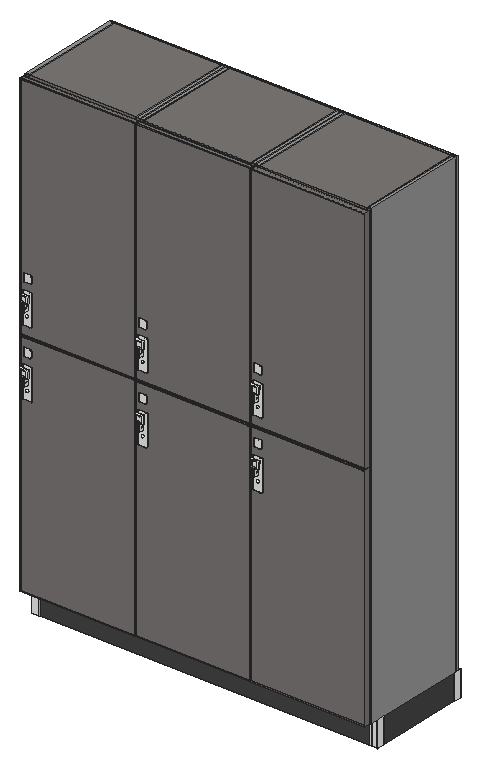
Revit family "Wood_Lockers_Hasps-Salsbury_Industries-18_42000_Series-3_Wide_Units.rfa", category Specialty Equipment, Revit 2016 (continued)
Definition of nested family "Premier Locker Doors_Hasp"
  Lines and regions (in)
    symbolic lines
      curve 35: arc (-8.5625, -1.125, 33.5625) -> (-8.52589, -1.125, 33.47411) -> (-8.4375, -1.125, 33.4375) r 0.125
      curve 36: line (-7.1875, -1.125, 33.4375) -> (-8.4375, -1.125, 33.4375)
      curve 37: arc (-7.6245, -1.125, 36.6245) -> (-7.8125, -1.125, 36.8125) -> (-8.0005, -1.125, 36.6245) r 0.188
      curve 38: arc (-8.0005, -1.125, 35.7505) -> (-7.8125, -1.125, 35.5625) -> (-7.6245, -1.125, 35.7505) r 0.188
      curve 39: line (-7.6245, -1.125, 36.6245) -> (-7.6245, -1.125, 35.7505)
      curve 40: line (-8.0005, -1.125, 35.7505) -> (-8.0005, -1.125, 36.6245)
      curve 41: line (-7.1875, -1.125, 36.9375) -> (-8.4375, -1.125, 36.9375)
      curve 42: line (-7.1875, -1.125, 38.1875) -> (-7.1875, -1.125, 36.9375)
      curve 43: line (-8.4375, -1.125, 36.9375) -> (-8.4375, -1.125, 38.1875)
      curve 44: line (-8.4375, -1.125, 38.1875) -> (-7.1875, -1.125, 38.1875)
      curve 45: line (-7.8755, -1.125, 36.6844) -> (-7.7495, -1.125, 36.6844)
      curve 46: line (-7.7495, -1.125, 36.6844) -> (-7.7495, -1.125, 35.6844)
      curve 47: line (-7.8755, -1.125, 35.6844) -> (-7.8755, -1.125, 36.6844)
      curve 48: line (-7.7495, -1.125, 35.6844) -> (-7.8755, -1.125, 35.6844)
      curve 49: line (-7.8125, -1, 36.6844) -> (-7.8125, -0.375, 36.6844)
      curve 50: line (-7.8125, -1, 35.6844) -> (-7.8125, -1, 36.6844)
      curve 51: line (-7.8125, -0.375, 35.6844) -> (-7.8125, -1, 35.6844)
      curve 52: arc (-7.8125, -0.91637, 36.1844) -> (-7.8125, -0.66637, 36.4344) -> (-7.8125, -0.41637, 36.1844) r 0.25
      curve 53: arc (-7.8125, -0.41637, 36.1844) -> (-7.8125, -0.66637, 35.9344) -> (-7.8125, -0.91637, 36.1844) r 0.25
      curve 54: line (-7.8125, -0.375, 37.31817) -> (-7.8125, -0.61642, 37.31817)
      curve 55: arc (-7.8125, -0.77297, 37.19215) -> (-7.8125, -0.71691, 37.28275) -> (-7.8125, -0.61642, 37.31817) r 0.16024
      curve 56: arc (-7.8125, -0.97289, 36.9375) -> (-7.8125, -0.84441, 37.04244) -> (-7.8125, -0.77297, 37.19215) r 0.37946
      curve 57: spline (-7.8125, -1.121, 37.15954) -> (-7.8125, -1.11621, 37.12873) -> (-7.8125, -1.10963, 37.09911) -> (-7.8125, -1.10135, 37.07107) -> (-7.8125, -1.09147, 37.04495) -> (-7.8125, -1.0801, 37.02108) -> (-7.8125, -1.0674, 36.99975) -> (-7.8125, -1.05352, 36.98123) -> (-7.8125, -1.03864, 36.96575) -> (-7.8125, -1.02293, 36.95351) -> (-7.8125, -1.0066, 36.94465) -> (-7.8125, -0.98985, 36.93929) -> (-7.8125, -0.97289, 36.9375)
      curve 58: line (-7.8125, -1.125, 37.15954) -> (-7.8125, -1.125, 37.96546)
      curve 59: spline (-7.8125, -1.121, 37.96546) -> (-7.8125, -1.11621, 37.99627) -> (-7.8125, -1.10963, 38.02589) -> (-7.8125, -1.10135, 38.05393) -> (-7.8125, -1.09147, 38.08005) -> (-7.8125, -1.0801, 38.10392) -> (-7.8125, -1.0674, 38.12525) -> (-7.8125, -1.05352, 38.14377) -> (-7.8125, -1.03864, 38.15925) -> (-7.8125, -1.02293, 38.17149) -> (-7.8125, -1.0066, 38.18035) -> (-7.8125, -0.98985, 38.18571) -> (-7.8125, -0.97289, 38.1875)
      curve 60: arc (-7.8125, -0.97289, 38.1875) -> (-7.8125, -0.84441, 38.08256) -> (-7.8125, -0.77297, 37.93285) r 0.37946
      curve 61: arc (-7.8125, -0.77297, 37.93285) -> (-7.8125, -0.71691, 37.84225) -> (-7.8125, -0.61642, 37.80683) r 0.16024
      curve 62: line (-7.8125, -0.61642, 37.80683) -> (-7.8125, -0.375, 37.80683)
      curve 63: line (-8.05683, -0.61642, 71.625) -> (-8.05683, -0.375, 71.625)
      curve 64: arc (-8.18285, -0.77297, 71.625) -> (-8.09225, -0.71691, 71.625) -> (-8.05683, -0.61642, 71.625) r 0.16024
      curve 65: arc (-8.4375, -0.97289, 71.625) -> (-8.33256, -0.84441, 71.625) -> (-8.18285, -0.77297, 71.625) r 0.37946
      curve 66: line (-7.40954, -1.125, 71.625) -> (-8.21546, -1.125, 71.625)
      curve 67: spline (-7.40954, -1.121, 71.625) -> (-7.37873, -1.11621, 71.625) -> (-7.34911, -1.10963, 71.625) -> (-7.32107, -1.10135, 71.625) -> (-7.29495, -1.09147, 71.625) -> (-7.27108, -1.0801, 71.625) -> (-7.24975, -1.0674, 71.625) -> (-7.23123, -1.05352, 71.625) -> (-7.21575, -1.03864, 71.625) -> (-7.20351, -1.02293, 71.625) -> (-7.19465, -1.0066, 71.625) -> (-7.18929, -0.98985, 71.625) -> (-7.1875, -0.97289, 71.625)
      curve 68: arc (-7.1875, -0.97289, 71.625) -> (-7.29244, -0.84441, 71.625) -> (-7.44215, -0.77297, 71.625) r 0.37946
      curve 69: arc (-7.44215, -0.77297, 71.625) -> (-7.53275, -0.71691, 71.625) -> (-7.56817, -0.61642, 71.625) r 0.16024
      curve 70: line (-7.56817, -0.375, 71.625) -> (-7.56817, -0.61642, 71.625)
      curve 71: spline (-8.21546, -1.121, 71.625) -> (-8.24627, -1.11621, 71.625) -> (-8.27589, -1.10963, 71.625) -> (-8.30393, -1.10135, 71.625) -> (-8.33005, -1.09147, 71.625) -> (-8.35392, -1.0801, 71.625) -> (-8.37525, -1.0674, 71.625) -> (-8.39377, -1.05352, 71.625) -> (-8.40925, -1.03864, 71.625) -> (-8.42149, -1.02293, 71.625) -> (-8.43035, -1.0066, 71.625) -> (-8.43571, -0.98985, 71.625) -> (-8.4375, -0.97289, 71.625)
    reference lines
      curve 72: line (-8.9375, 0, 71.75) -> (8.3435, 0, 71.75)
      curve 73: line (8.3435, 0, 71.75) -> (-8.9375, 0, 71.75)
  Dimensions and locks (in)
    equal spacing: plane 4 "Left Side of Door", plane 3 "Center (Left/Right)", plane 5 "Right Side of Door"
    "Width": plane 4 "Left Side of Door" to plane 5 "Right Side of Door"
    equal spacing: plane 7 "Front of Door", plane 1 "Center (Front/Back)", plane 6 "Back of Door"
    "Depth": plane 7 "Front of Door" to plane 6 "Back of Door"
    equal spacing: plane 9 "Top of Door", plane 10 "Center of Door", plane 8 "Bottom of Door"
    "Height": plane 9 "Top of Door" to plane 8 "Bottom of Door"
    equal spacing: plane 11 "Top of Number Tag", plane 16 "Center of Number Tag", plane 12 "Bottom of Number Tag"
    "Number Tag Height": plane 11 "Top of Number Tag" to plane 12 "Bottom of Number Tag"
    equal spacing: plane 14 "Right Side of Number Tag", plane 15 "Horizontal Center of Number Tag", plane 13 "Left Side of Number Tag"
    "Number Tag Width": plane 14 "Right Side of Number Tag" to plane 13 "Left Side of Number Tag"
    "Number Tag-Horizontal Offset": plane 15 "Horizontal Center of Number Tag" to plane 5 "Right Side of Door"
    "Number Tag-Vertical Offset": plane 9 "Top of Door" to plane 16 "Center of Number Tag"
    "Lock Horizontal Offset": plane 4 "Left Side of Door" to plane 17 "Left Side of Lock"
    equal spacing: plane 20 "Top of Lock", plane 19 "Lock Vertical Center", plane 21 "Bottom of Lock"
    "Lock Height": plane 20 "Top of Lock" to plane 21 "Bottom of Lock"
    "Lock Vertical Offset": plane 9 "Top of Door" to plane 19 "Lock Vertical Center"
    plane 22 "Front of Hasp Stud" to plane 7 "Front of Door" = 0.125"
    locked: plane 24 "Right Side of Door-Left Side of Trim" to plane 5 "Right Side of Door" at 0.125
    locked: plane 4 "Left Side of Door" to plane 23 "Left Side of Door-Right Side of Trim" at 0.125
    locked: plane 9 "Top of Door" to plane 25 "Top of Door-Bottom of Trim" at 0.125
    plane 26 "Bottom of Door-Top of Trim" to plane 8 "Bottom of Door" = 0.125"
    plane 28 "Melamine-Particleboard Line" to plane 6 "Back of Door" = 0.031"
    plane 7 "Front of Door" to plane 27 "Laminate-Particleboard Line" = 0.031"
    plane 27 "Laminate-Particleboard Line" to plane 29 "Back of Number Plate Inset" = 0.031"
    equal spacing: plane 18 "Right Side of Lock", plane 30 "Center of Lock", plane 17 "Left Side of Lock", locked at 0.75 each
    "Lock Width": plane 18 "Right Side of Lock" to plane 17 "Left Side of Lock"
    plane 22 "Front of Hasp Stud" to plane 31 = 0.312"
    plane 6 "Back of Door" to plane 32 "Door Stopper Plane" = 0.250"
    locked: plane 23 "Left Side of Door-Right Side of Trim" to plane 33 at 0.325
    locked: plane 25 "Top of Door-Bottom of Trim" to plane 34 at 0.325
    locked: plane 9 "Top of Door" to plane 35 "Top Hinge" at 3
    plane 36 to plane 5 "Right Side of Door" = 0.625"
    plane 6 "Back of Door" to plane 28 "Melamine-Particleboard Line" = 0.031"
    plane 9 "Top of Door" to plane 25 "Top of Door-Bottom of Trim" = 0.125"
    plane 7 "Front of Door" to plane 38 "Inner Knob" = 0.719"
    locked: plane 38 "Inner Knob" to plane 39 "Front of Knob" at 0.031
    locked: plane 40 to plane 20 "Top of Lock" at 1.125
    locked: plane 21 "Bottom of Lock" to plane 41 at 1.125
    locked: plane 20 "Top of Lock" to plane 42 at 0.125
    locked: plane 18 "Right Side of Lock" to plane 43 at 0.125
    locked: plane 44 to plane 17 "Left Side of Lock" at 0.125
    plane 42 to plane 45 = 1.250"
    locked: plane 45 to plane 46 "Top of Hole" at 0.125
    plane 48 to plane 30 "Center of Lock" to plane 47 = 0.188" locked, 0.188" locked
    locked: plane 46 "Top of Hole" to plane 49 "Bottom of Hole" at 1.25
    plane 49 "Bottom of Hole" to plane 50 "Stud Alignment" = 0.750"
    locked: plane 42 to plane 51 "Center of Handle" at 0.625
    plane 52 to plane 51 "Center of Handle" to plane 53 = 0.188" locked, 0.188" locked
    plane 7 "Front of Door" to plane 39 "Front of Knob" = 0.750"
    locked: plane 42 to plane 54 at 0.22204
    locked: plane 55 to plane 45 at 0.22204
    locked: plane 7 "Front of Door" to plane 56 "Front of Latch" at 0.625
    locked: plane 57 to plane 58 at 1
    locked: plane 46 "Top of Hole" to plane 57 at 0.1281
    equal spacing: plane 58, plane 59, plane 57
    locked: plane 60 to plane 5 "Right Side of Door" at 0.594
    locked: plane 57 to plane 61 at 0.0599
    locked: plane 62 to plane 58 at 0.06376
    plane 12 "Bottom of Number Tag" to plane 20 "Top of Lock" = 1.1875"
    aligned and locked: level to plane 2
    aligned and locked: Extrusion 5 to plane 11 "Top of Number Tag"
    aligned and locked: plane 12 "Bottom of Number Tag" to Extrusion 5
    aligned and locked: Extrusion 5 to plane 14 "Right Side of Number Tag"
    aligned and locked: Extrusion 5 to plane 13 "Left Side of Number Tag"
    aligned and locked: plane 29 "Back of Number Plate Inset" to Extrusion 5
    aligned and locked: plane 7 "Front of Door" to Extrusion 5
    aligned and locked: plane 29 "Back of Number Plate Inset" to Extrusion 6
    aligned and locked: plane 7 "Front of Door" to Extrusion 6
    aligned and locked: Extrusion 6 to plane 14 "Right Side of Number Tag"
    aligned and locked: Extrusion 6 to plane 13 "Left Side of Number Tag"
    aligned and locked: Extrusion 6 to plane 11 "Top of Number Tag"
    aligned and locked: plane 12 "Bottom of Number Tag" to Extrusion 6
    aligned and locked: curve 9 to Extrusion 8
    aligned and locked: curve 10 to Extrusion 8
    aligned and locked: curve 11 to Extrusion 8
    aligned and locked: Extrusion 7 to curve 12
    aligned and locked: curve 14 to Extrusion 7
    aligned and locked: curve 16 to plane 7 "Front of Door"
    aligned and locked: curve 19 to Extrusion 8  (x2)
    aligned and locked: curve 21 to Extrusion 8
    aligned and locked: curve 18 to curve 22
    aligned and locked: curve 22 to Extrusion 9  (x2)
    aligned and locked: curve 24 to Extrusion 9
    aligned and locked: curve 25 to Extrusion 10
    aligned and locked: curve 26 to Extrusion 10
    aligned and locked: curve 27 to Extrusion 10
    aligned and locked: plane 20 "Top of Lock" to Extrusion 11 sketch curve
    aligned and locked: Extrusion 11 sketch curve to plane 21 "Bottom of Lock"
    aligned and locked: Extrusion 11 to plane 29 "Back of Number Plate Inset"
    aligned and locked: plane 7 "Front of Door" to Extrusion 11
    aligned and locked: Extrusion 3 to Extrusion 11
    aligned and locked: Sweep 14 to plane 50 "Stud Alignment"  (x2)
    aligned and locked: Extrusion 15 to plane 7 "Front of Door"
    aligned and locked: Extrusion 15 to plane 22 "Front of Hasp Stud"
    aligned and locked: Extrusion 15 to plane 50 "Stud Alignment"
    aligned and locked: Blend 17 to plane 39 "Front of Knob"
    aligned and locked: plane 38 "Inner Knob" to Blend 17
    aligned and locked: plane 6 "Back of Door" to Extrusion 18 sketch curve
    aligned and locked: plane 56 "Front of Latch" to Extrusion 18 sketch curve
    aligned and locked: Extrusion 18 to plane 57
    aligned and locked: plane 58 to Extrusion 18
    aligned and locked: plane 59 to cut or joined group of Extrusion 18, Extrusion 19
    aligned and locked: Extrusion 13 sketch curve to plane 61  (x2)
    aligned and locked: Extrusion 13 sketch curve to plane 62  (x2)
  Automatic sketch dimensions
    Extrusion 1 sketch curve to plane 4 "Left Side of Door" = 0.031"
    plane 5 "Right Side of Door" to Extrusion 1 sketch curve = 0.031"
    level to Extrusion 1 sketch curve = 0.031"
    plane 9 "Top of Door" to Extrusion 1 sketch curve = 0.031"
    Extrusion 2 sketch curve to plane 4 "Left Side of Door" = 0.031"
    plane 5 "Right Side of Door" to Extrusion 2 sketch curve = 0.031"
    level to Extrusion 2 sketch curve = 0.031"
    plane 9 "Top of Door" to Extrusion 2 sketch curve = 0.031"
    Extrusion 3 sketch curve to plane 4 "Left Side of Door" = 0.031"
    plane 5 "Right Side of Door" to Extrusion 3 sketch curve = 0.031"
    level to Extrusion 3 sketch curve = 0.031"
    plane 9 "Top of Door" to Extrusion 3 sketch curve = 0.031"
    plane 23 "Left Side of Door-Right Side of Trim" to Sweep 4 sketch curve = 0.000"
    plane 24 "Right Side of Door-Left Side of Trim" to Sweep 4 sketch curve = 0.000"  (x2)
    Sweep 4 sketch curve to plane 26 "Bottom of Door-Top of Trim" = 0.000"
    Sweep 4 sketch curve to plane 25 "Top of Door-Bottom of Trim" = 0.000"
    profile plane to Sweep 4 sketch curve = 0.125"
    Sweep 4 sketch curve to Sweep 4 sketch curve = 0.031"
    Sweep 4 sketch curve to plane 1 "Center (Front/Back)" = 0.375"
    plane 1 "Center (Front/Back)" to Sweep 4 sketch curve = 0.375"
    Extrusion 7 sketch curve to plane 33 = 0.000"
    Extrusion 7 sketch curve to plane 34 = 0.000"
    plane 36 to Extrusion 8 sketch curve = 0.000"
    Extrusion 8 sketch curve to Extrusion 8 sketch curve = 0.500"
    plane 35 "Top Hinge" to Extrusion 8 sketch curve = 0.250"
    Extrusion 8 sketch curve to plane 35 "Top Hinge" = 0.250"
    plane 36 to Extrusion 9 sketch curve = 0.000"
    Extrusion 9 sketch curve to Extrusion 9 sketch curve = 0.500"
    plane 37 "Bottom Hinge" to Extrusion 9 sketch curve = 0.250"
    Extrusion 9 sketch curve to plane 37 "Bottom Hinge" = 0.250"
    plane 36 to Extrusion 10 sketch curve = 0.000"
    Extrusion 10 sketch curve to Extrusion 10 sketch curve = 0.500"
    curve 4 to level = 0.000"
    plane 4 "Left Side of Door" to curve 4 = 0.000"
    plane 5 "Right Side of Door" to curve 3 = 0.000"
    curve 3 to plane 9 "Top of Door" = 0.000"
    Extrusion 5 sketch curve to plane 13 "Left Side of Number Tag" = 0.000"
    Extrusion 5 sketch curve to plane 12 "Bottom of Number Tag" = 0.000"
    Extrusion 5 sketch curve to plane 11 "Top of Number Tag" = 0.000"
    Extrusion 5 sketch curve to plane 14 "Right Side of Number Tag" = 0.000"
    Extrusion 6 sketch curve to plane 13 "Left Side of Number Tag" = 0.000"
    Extrusion 6 sketch curve to plane 12 "Bottom of Number Tag" = 0.000"
    Extrusion 6 sketch curve to plane 11 "Top of Number Tag" = 0.000"
    Extrusion 6 sketch curve to plane 14 "Right Side of Number Tag" = 0.000"
    Extrusion 11 sketch curve to plane 13 "Left Side of Number Tag" = 0.125"
    Extrusion 10 sketch curve to plane 10 "Center of Door" = 0.250"
    plane 10 "Center of Door" to Extrusion 10 sketch curve = 0.250"
    Extrusion 11 sketch curve to plane 21 "Bottom of Lock" = 0.125"
    plane 13 "Left Side of Number Tag" to Extrusion 5 sketch curve = 0.14916"
    Extrusion 5 sketch curve to Extrusion 5 sketch curve = 0.14916"  (x2)
    plane 13 "Left Side of Number Tag" to Extrusion 6 sketch curve = 0.14916"
    Extrusion 6 sketch curve to plane 12 "Bottom of Number Tag" = 0.14916"
    plane 13 "Left Side of Number Tag" to Extrusion 11 sketch curve = 0.000"  (x2)
    Extrusion 5 sketch curve to plane 12 "Bottom of Number Tag" = 0.14916"
    Extrusion 6 sketch curve to plane 14 "Right Side of Number Tag" = 0.14916"  (x2)
    plane 14 "Right Side of Number Tag" to Extrusion 11 sketch curve = 0.000"  (x2)
    Extrusion 12 sketch curve to plane 17 "Left Side of Lock" = 0.000"
    plane 13 "Left Side of Number Tag" to Extrusion 12 sketch curve = 0.000"  (x2)
    plane 14 "Right Side of Number Tag" to Extrusion 12 sketch curve = 0.000"  (x2)
    Extrusion 12 sketch curve to plane 20 "Top of Lock" = 0.000"
    Extrusion 12 sketch curve to plane 18 "Right Side of Lock" = 0.000"
    Extrusion 12 sketch curve to plane 21 "Bottom of Lock" = 0.125"
    plane 15 "Horizontal Center of Number Tag" to Sweep 14 sketch curve = 0.000"
    Sweep 14 sketch curve to plane 50 "Stud Alignment" = 0.000"
    Sweep 14 sketch curve to plane 7 "Front of Door" = 0.000"
    Sweep 14 sketch curve to profile plane = 0.000"
    profile plane to Sweep 14 sketch curve = 0.00168"
    profile plane to Sweep 14 sketch curve = 0.156"
    Sweep 14 sketch curve to plane 7 "Front of Door" = 0.03275"
    Extrusion 15 sketch curve to Extrusion 15 sketch curve = 0.000"  (x2)
    Extrusion 15 sketch curve to plane 50 "Stud Alignment" = 0.000"
    plane 15 "Horizontal Center of Number Tag" to Extrusion 15 sketch curve = 0.000"
    plane 15 "Horizontal Center of Number Tag" to Extrusion 15 sketch curve = 0.010"
    plane 13 "Left Side of Number Tag" to Sweep 16 sketch curve = 0.000"
    plane 14 "Right Side of Number Tag" to Sweep 16 sketch curve = 0.000"
    Sweep 16 sketch curve to plane 45 = 0.000"
    Sweep 16 sketch curve to plane 42 = 0.000"
    Sweep 16 sketch curve to plane 7 "Front of Door" = 0.000"
    profile plane to Sweep 16 sketch curve = 0.000"
    profile plane to Sweep 16 sketch curve = 0.22043"
    Sweep 16 sketch curve to Sweep 16 sketch curve = 0.01681"
    profile plane to Sweep 16 sketch curve = 0.33926"
    Sweep 16 sketch curve to Sweep 16 sketch curve = 0.14344"
    Sweep 16 sketch curve to Sweep 16 sketch curve = 0.15329"
    Sweep 16 sketch curve to Sweep 16 sketch curve = 0.59563"
    Sweep 16 sketch curve to Sweep 16 sketch curve = 0.24142"
    Sweep 16 sketch curve to Sweep 16 sketch curve = 0.00858"
    Sweep 16 sketch curve to Sweep 16 sketch curve = 0.51788"
    Sweep 16 sketch curve to Sweep 16 sketch curve = 0.31119"
    Sweep 16 sketch curve to Sweep 16 sketch curve = 0.11721"
    Sweep 16 sketch curve to Sweep 16 sketch curve = 0.01742"
    Sweep 16 sketch curve to Sweep 16 sketch curve = 0.06553"
    Sweep 16 sketch curve to Sweep 16 sketch curve = 0.000"
    Blend 17 sketch curve to plane 54 = 0.000"
    Blend 17 sketch curve to plane 55 = 0.000"
    Blend 17 sketch curve to plane 47 = 0.21496"
    plane 48 to Blend 17 sketch curve = 0.21496"
    plane 54 to Blend 17 sketch curve = 0.03267"
    Blend 17 sketch curve to plane 40 = 0.00461"
    Blend 17 sketch curve to plane 47 = 0.18235"
    plane 48 to Blend 17 sketch curve = 0.18227"
    Extrusion 18 sketch curve to plane 57 = 0.000"
    Extrusion 18 sketch curve to plane 58 = 0.000"
    plane 59 to Extrusion 19 sketch curve = 0.000"
    Extrusion 19 sketch curve to plane 22 "Front of Hasp Stud" = 0.16637"
    curve 29 to plane 14 "Right Side of Number Tag" = 0.000"
    curve 29 to plane 20 "Top of Lock" = 0.000"
    curve 30 to plane 18 "Right Side of Lock" = 0.000"
    curve 29 to plane 13 "Left Side of Number Tag" = 0.000"
    curve 31 to plane 42 = 0.000"
    curve 32 to plane 21 "Bottom of Lock" = 0.125"
    curve 34 to plane 14 "Right Side of Number Tag" = 0.000"
    curve 35 to plane 13 "Left Side of Number Tag" = 0.000"
    plane 15 "Horizontal Center of Number Tag" to curve 37 = 0.000"
    plane 47 to curve 37 = 0.000"
    plane 57 to curve 37 = 0.0599"
    curve 39 to plane 58 = 0.0661"
    curve 42 to plane 14 "Right Side of Number Tag" = 0.000"
    curve 41 to plane 13 "Left Side of Number Tag" = 0.000"
    curve 41 to plane 45 = 0.000"
    curve 43 to plane 42 = 0.000"
    curve 46 to plane 57 = 0.000"
    curve 46 to plane 15 "Horizontal Center of Number Tag" = 0.063"
    plane 15 "Horizontal Center of Number Tag" to curve 45 = 0.063"
    curve 47 to plane 58 = 0.000"
    curve 15 to plane 6 "Back of Door" = 0.000"
    plane 9 "Top of Door" to curve 15 = 0.000"
    plane 57 to curve 49 = 0.000"
    curve 51 to plane 56 "Front of Latch" = 0.000"
    plane 58 to curve 51 = 0.000"
    curve 17 to level = 0.000"
    plane 59 to curve 52 = 0.000"
    curve 53 to plane 22 "Front of Hasp Stud" = 0.16637"
    plane 7 "Front of Door" to curve 53 = 0.04137"
    plane 53 to curve 54 = 0.05633"
    curve 54 to plane 22 "Front of Hasp Stud" = 0.11642"
    plane 55 to curve 55 = 0.00161"
    curve 55 to plane 40 = 0.00465"
    plane 45 to curve 56 = 0.000"
    curve 56 to plane 39 "Front of Knob" = 0.01788"
    curve 56 to plane 40 = 0.08926"
    plane 55 to curve 57 = 0.000"
    curve 57 to plane 40 = 0.03757"
    plane 39 "Front of Knob" to curve 57 = 0.004"
    plane 42 to curve 60 = 0.000"
    curve 58 to plane 39 "Front of Knob" = 0.000"
    plane 54 to curve 58 = 0.000"
    plane 54 to curve 59 = 0.000"
    plane 55 to curve 58 = 0.000"
    curve 60 to plane 39 "Front of Knob" = 0.01788"
    curve 60 to plane 52 = 0.09774"
    plane 54 to curve 60 = 0.03261"
    plane 56 "Front of Latch" to curve 59 = 0.02711"
    plane 54 to curve 59 = 0.06553"
    plane 39 "Front of Knob" to curve 59 = 0.004"
    curve 61 to plane 54 = 0.00161"
    curve 61 to plane 22 "Front of Hasp Stud" = 0.11642"
    plane 6 "Back of Door" to curve 9 = 0.000"
    curve 6 to plane 4 "Left Side of Door" = 0.000"
    plane 7 "Front of Door" to curve 6 = 0.000"
    plane 7 "Front of Door" to curve 28 = 0.000"
    curve 67 to plane 14 "Right Side of Number Tag" = 0.000"
    curve 65 to plane 13 "Left Side of Number Tag" = 0.000"
    curve 66 to plane 39 "Front of Knob" = 0.000"
    curve 28 to plane 17 "Left Side of Lock" = 0.000"
    curve 28 to plane 18 "Right Side of Lock" = 0.000"
    curve 8 to plane 5 "Right Side of Door" = 0.000"
    curve 64 to plane 22 "Front of Hasp Stud" = 0.11642"
    curve 69 to plane 22 "Front of Hasp Stud" = 0.11642"
    curve 68 to plane 39 "Front of Knob" = 0.01788"
    curve 65 to plane 39 "Front of Knob" = 0.01788"
    curve 14 to plane 23 "Left Side of Door-Right Side of Trim" = 0.07537"
    plane 48 to curve 64 = 0.21657"
    plane 48 to curve 65 = 0.09774"
    plane 48 to curve 63 = 0.05633"
    curve 70 to plane 47 = 0.05633"
    curve 68 to plane 47 = 0.09774"
    curve 69 to curve 69 = 0.16024"
    curve 64 to curve 65 = 0.15655"
    curve 69 to curve 68 = 0.15655"
    plane 39 "Front of Knob" to curve 67 = 0.004"
    plane 33 to curve 14 = 0.250"
    curve 66 to curve 65 = 0.11721"
    curve 67 to plane 47 = 0.14943"
    curve 68 to curve 66 = 0.11721"
    curve 67 to curve 66 = 0.000"
    plane 39 "Front of Knob" to curve 71 = 0.004"
    curve 71 to curve 66 = 0.000"
    plane 48 to curve 71 = 0.14943"
    plane 1 "Center (Front/Back)" to curve 73 = 0.000"
    curve 73 to plane 4 "Left Side of Door" = 0.000"
    curve 73 to plane 60 = 0.000"
    plane 48 to Extrusion 13 sketch curve = 0.000"
    plane 15 "Horizontal Center of Number Tag" to Extrusion 13 sketch curve = 0.000"
    radius of Extrusion 7 sketch curve = 0.250"
    radius of Sweep 14 sketch curve = 0.010"
    radius of Extrusion 19 sketch curve = 0.250"
Definition of nested family "Wood Locker Bases"
  Parameters (values of type "Base - 18" W x 18" D Lockers")
    Width = 18.000"
    Visible Base = yes
    Visible = no
    Model = "Base - 18\" W x 18\" D Lockers"
    Manufacturer = "Salsbury Industries"
    Height = 4.000"
    Depth = 16.250"
    Base Secondary Material = none
    Base Primary Materials = none
    Base Hardware = none
  Types (8): name | Width | Visible Base | Visible | Model | Depth
    (no name) | 18.000" | yes | no | "Base - 18\" W x 18\" D Lockers" | 16.250"
    Base - 18" W x 18" D Lockers | 18.000" | yes | no | "Base - 18\" W x 18\" D Lockers" | 16.250"
    Base - 18" W x 21" D Lockers | 18.000" | yes | no | "Base - 18\" W x 21\" D Lockers" | 19.250"
    Base - 18" W x 24" D Lockers | 18.000" | yes | no | "Base - 18\" W x 24\" D Lockers" | 22.250"
    Base - 54" W x 18" D Lockers | 54.000" | yes | yes | "Base - 54\" W x 18\" D Lockers" | 16.250"
    Base - 54" W x 21" D Lockers | 54.000" | yes | yes | "Base - 54\" W x 21\" D Lockers" | 19.250"
    Base - 54" W x 24" D Lockers | 54.000" | yes | yes | "Base - 54\" W x 24\" D Lockers" | 22.250"
    None | 12.000" | no | no | "Base - 12\" W x 15\" D Lockers" | 13.250"
  Reference planes (in)
    plane 1 "Center (Front/Back)": y = 0
    plane 2: z = 0
    plane 3 "Center (Left/Right)": x = 0
    plane 4 "Left Edge": x = -9
    plane 5 "Right Edge": x = 9
    plane 6 "Back Edge": y = 8.125
    plane 7 "Front Edge": y = -8.125
    plane 8 "Bottom Edge": z = 0
    plane 9 "Top Edge": z = 4
    plane 10: x = -7.75
    plane 11: x = -7.102
    plane 12: y = 8.062
    plane 13: y = 7.3
    plane 14: x = -8.131
    plane 15: x = -8.256
    plane 16: x = -8.937
    plane 17: x = -8.175
    plane 18: y = 6.227
    plane 19: y = 6.875
    plane 20: y = 7.256
    plane 21: y = 7.381
    plane 22: x = -8.931
    plane 23: x = 8.931
    plane 24: y = 8.056
    plane 25: y = -8.056
    plane 26: y = 8.025
    plane 27: y = -8.025
    plane 28: x = -8.9
    plane 29: x = 8.9
    plane 30: x = -2.375
    plane 31: x = 2.375
  Forms (in)
    Extrusion 1, solid, material <- "Base Hardware", visible <- "Visible Base"
      sketch origin (0, 0, 0) x (1, 0, 0) y (0, 1, 0)
        loop
          arc (-8.96712, 8.125) -> (-8.99098, 8.11598) -> (-9, 8.09212) r 0.031
          line (-9, 8.09212) -> (-9, 6.9065)
          arc (-9, 6.9065) -> (-8.9685, 6.875) -> (-8.937, 6.9065) r 0.0315
          line (-8.937, 6.9065) -> (-8.937, 7.256) -> (-8.837, 7.256) -> (-8.837, 7.319) -> (-8.937, 7.319) -> (-8.937, 8.01465) -> (-8.256, 7.33365) -> (-8.256, 7.256) -> (-8.175, 7.256) -> (-8.175, 6.25833)
          arc (-8.175, 6.25833) -> (-8.14367, 6.227) -> (-8.11235, 6.25833) r 0.03133
          line (-8.11235, 6.25833) -> (-8.11235, 7.23703) -> (-7.13348, 7.23703)
          arc (-7.13348, 7.23703) -> (-7.102, 7.26852) -> (-7.13348, 7.3) r 0.03148
          line (-7.13348, 7.3) -> (-8.131, 7.3) -> (-8.131, 7.381) -> (-8.21422, 7.381) -> (-8.89522, 8.062) -> (-8.194, 8.062) -> (-8.194, 7.962) -> (-8.131, 7.962) -> (-8.131, 8.062) -> (-7.7814, 8.062)
          arc (-7.7814, 8.062) -> (-7.7499, 8.0935) -> (-7.7814, 8.125) r 0.0315
          line (-7.7814, 8.125) -> (-8.96712, 8.125)
      from 0 to 4
    Extrusion 2, solid, material <- "Base Hardware", visible <- "Visible Base"
      sketch origin (0, 0, 0) x (-1, 0, 0) y (0, -1, 0)
        loop
          line (-8.96712, -8.125) -> (-7.7814, -8.125)
          arc (-7.7814, -8.125) -> (-7.7499, -8.0935) -> (-7.7814, -8.062) r 0.0315
          line (-7.7814, -8.062) -> (-8.131, -8.062) -> (-8.131, -7.962) -> (-8.194, -7.962) -> (-8.194, -8.062) -> (-8.89522, -8.062) -> (-8.21422, -7.381) -> (-8.131, -7.381) -> (-8.131, -7.3) -> (-7.13348, -7.3)
          arc (-7.13348, -7.3) -> (-7.102, -7.26852) -> (-7.13348, -7.23703) r 0.03148
          line (-7.13348, -7.23703) -> (-8.11235, -7.23703) -> (-8.11235, -6.25833)
          arc (-8.11235, -6.25833) -> (-8.14367, -6.227) -> (-8.175, -6.25833) r 0.03133
          line (-8.175, -6.25833) -> (-8.175, -7.256) -> (-8.256, -7.256) -> (-8.256, -7.33365) -> (-8.937, -8.01465) -> (-8.937, -7.319) -> (-8.837, -7.319) -> (-8.837, -7.256) -> (-8.937, -7.256) -> (-8.937, -6.9065)
          arc (-8.937, -6.9065) -> (-8.9685, -6.875) -> (-9, -6.9065) r 0.0315
          line (-9, -6.9065) -> (-9, -8.09212)
          arc (-9, -8.09212) -> (-8.99098, -8.11598) -> (-8.96712, -8.125) r 0.031
      from 0 to 4
    Extrusion 3, solid, material <- "Base Hardware", visible <- "Visible Base"
      sketch origin (0, 0, 0) x (1, 0, 0) y (0, 1, 0)
        loop
          line (-8.96712, -8.125) -> (-7.7814, -8.125)
          arc (-7.7814, -8.125) -> (-7.7499, -8.0935) -> (-7.7814, -8.062) r 0.0315
          line (-7.7814, -8.062) -> (-8.131, -8.062) -> (-8.131, -7.962) -> (-8.194, -7.962) -> (-8.194, -8.062) -> (-8.89522, -8.062) -> (-8.21422, -7.381) -> (-8.131, -7.381) -> (-8.131, -7.3) -> (-7.13348, -7.3)
          arc (-7.13348, -7.3) -> (-7.102, -7.26852) -> (-7.13348, -7.23703) r 0.03148
          line (-7.13348, -7.23703) -> (-8.11235, -7.23703) -> (-8.11235, -6.25833)
          arc (-8.11235, -6.25833) -> (-8.14367, -6.227) -> (-8.175, -6.25833) r 0.03133
          line (-8.175, -6.25833) -> (-8.175, -7.256) -> (-8.256, -7.256) -> (-8.256, -7.33365) -> (-8.937, -8.01465) -> (-8.937, -7.319) -> (-8.837, -7.319) -> (-8.837, -7.256) -> (-8.937, -7.256) -> (-8.937, -6.9065)
          arc (-8.937, -6.9065) -> (-8.9685, -6.875) -> (-9, -6.9065) r 0.0315
          line (-9, -6.9065) -> (-9, -8.09212)
          arc (-9, -8.09212) -> (-8.99098, -8.11598) -> (-8.96712, -8.125) r 0.031
      from 0 to 4
    Extrusion 4, solid, material <- "Base Hardware", visible <- "Visible Base"
      sketch origin (0, 0, 0) x (-1, 0, 0) y (0, -1, 0)
        loop
          arc (-8.96712, 8.125) -> (-8.99098, 8.11598) -> (-9, 8.09212) r 0.031
          line (-9, 8.09212) -> (-9, 6.9065)
          arc (-9, 6.9065) -> (-8.9685, 6.875) -> (-8.937, 6.9065) r 0.0315
          line (-8.937, 6.9065) -> (-8.937, 7.256) -> (-8.837, 7.256) -> (-8.837, 7.319) -> (-8.937, 7.319) -> (-8.937, 8.01465) -> (-8.256, 7.33365) -> (-8.256, 7.256) -> (-8.175, 7.256) -> (-8.175, 6.25833)
          arc (-8.175, 6.25833) -> (-8.14367, 6.227) -> (-8.11235, 6.25833) r 0.03133
          line (-8.11235, 6.25833) -> (-8.11235, 7.23703) -> (-7.13348, 7.23703)
          arc (-7.13348, 7.23703) -> (-7.102, 7.26852) -> (-7.13348, 7.3) r 0.03148
          line (-7.13348, 7.3) -> (-8.131, 7.3) -> (-8.131, 7.381) -> (-8.21422, 7.381) -> (-8.89522, 8.062) -> (-8.194, 8.062) -> (-8.194, 7.962) -> (-8.131, 7.962) -> (-8.131, 8.062) -> (-7.7814, 8.062)
          arc (-7.7814, 8.062) -> (-7.7499, 8.0935) -> (-7.7814, 8.125) r 0.0315
          line (-7.7814, 8.125) -> (-8.96712, 8.125)
      from 0 to 4
    Extrusion 5, solid, material <- "Base Secondary Material", visible <- "Visible Base"
      sketch origin (0, 0, 0) x (0, -1, 0) y (1, 0, 0)
        loop
          line (-7.256, 8.9) -> (-7.256, 8.181) -> (7.25697, 8.181) -> (7.25697, 8.9) -> (-7.256, 8.9)
      from 0 to 4
    Extrusion 6, solid, material <- "Base Secondary Material", visible <- "Visible Base"
      sketch origin (0, 0, 0) x (0, -1, 0) y (1, 0, 0)
        loop
          line (-7.256, -8.9) -> (7.25697, -8.9) -> (7.25697, -8.181) -> (-7.256, -8.181) -> (-7.256, -8.9)
      from 0 to 4
    Extrusion 7, solid, material <- "Base Secondary Material", visible <- "Visible Base"
      sketch origin (-2.05521, 0.625, 0) x (1, 0, 0) y (0, 1, 0)
        loop
          line (-6.07579, 7.4) -> (-6.07579, 6.681) -> (10.18621, 6.681) -> (10.18621, 7.4) -> (-6.07579, 7.4)
      from 0 to 4
    Extrusion 8, solid, material <- "Base Secondary Material", visible <- "Visible Base"
      sketch origin (-2.05521, -0.625, 0) x (1, 0, 0) y (0, 1, 0)
        loop
          line (-6.07579, -7.4) -> (10.18621, -7.4) -> (10.18621, -6.681) -> (-6.07579, -6.681) -> (-6.07579, -7.4)
      from 0 to 4
    Extrusion 9, solid, material <- "Base Primary Materials", visible <- "Visible Base"
      sketch origin (0.76452, 0, 0) x (0, -1, 0) y (1, 0, 0)
        loop
          line (-7.256, 8.16648) -> (-7.256, 8.13548) -> (7.25697, 8.13548) -> (7.25697, 8.16648) -> (-7.256, 8.16648)
      from 0 to 4
    Extrusion 10, solid, material <- "Base Primary Materials", visible <- "Visible Base"
      sketch origin (-0.719, 0, 0) x (0, -1, 0) y (1, 0, 0)
        loop
          line (-7.256, -8.212) -> (7.25697, -8.212) -> (7.25697, -8.181) -> (-7.256, -8.181) -> (-7.256, -8.212)
      from 0 to 4
    Extrusion 11, solid, material <- "Base Primary Materials", visible <- "Visible Base"
      sketch origin (-2.05521, 1.344, 0) x (1, 0, 0) y (0, 1, 0)
        loop
          line (-6.07579, 6.718) -> (-6.07579, 6.681) -> (10.18621, 6.681) -> (10.18621, 6.718) -> (-6.07579, 6.718)
      from 0 to 4
    Extrusion 12, solid, material <- "Base Primary Materials", visible <- "Visible Base"
      sketch origin (-2.05521, -1.344, 0) x (1, 0, 0) y (0, 1, 0)
        loop
          line (-6.07579, -6.712) -> (10.18621, -6.712) -> (10.18621, -6.681) -> (-6.07579, -6.681) -> (-6.07579, -6.712)
      from 0 to 4
    Extrusion 13, solid, material <- "Base Secondary Material", visible <- "Visible"
      sketch origin (0, 0, 4) x (0, -1, 0) y (1, 0, 0)
        loop
          line (-7.306, -2.375) -> (7.306, -2.375) -> (7.306, 2.375) -> (-7.306, 2.375) -> (-7.306, -2.375)
      from 0 to -0.75
    Extrusion 14, solid, material <- "Base Secondary Material", visible <- "Visible"
      sketch origin (0, 0, 0) x (0, -1, 0) y (1, 0, 0)
        loop
          line (-7.306, -2.375) -> (-6.556, -2.375) -> (-6.556, 2.375) -> (-7.306, 2.375) -> (-7.306, -2.375)
      from 0 to 3.25
    Extrusion 15, solid, material <- "Base Secondary Material", visible <- "Visible"
      sketch origin (0, 0, 0) x (0, 1, 0) y (-1, 0, 0)
        loop
          line (-7.306, 2.375) -> (-7.306, -2.375) -> (-6.556, -2.375) -> (-6.556, 2.375) -> (-7.306, 2.375)
      from 0 to 3.25
  Dimensions and locks (in)
    equal spacing: plane 4 "Left Edge", plane 3 "Center (Left/Right)", plane 5 "Right Edge"
    "Width": plane 4 "Left Edge" to plane 5 "Right Edge"
    equal spacing: plane 7 "Front Edge", plane 1 "Center (Front/Back)", plane 6 "Back Edge"
    "Depth": plane 7 "Front Edge" to plane 6 "Back Edge"
    "Height": plane 9 "Top Edge" to plane 8 "Bottom Edge"
    locked: plane 4 "Left Edge" to plane 10 at 1.25
    locked: plane 4 "Left Edge" to plane 11 at 1.898
    locked: plane 12 to plane 6 "Back Edge" at 0.063
    plane 14 to plane 10 = 0.381"
    locked: plane 12 to plane 13 at 0.762
    locked: plane 4 "Left Edge" to plane 16 at 0.063
    locked: plane 16 to plane 17 at 0.762
    locked: plane 19 to plane 6 "Back Edge" at 1.25
    locked: plane 18 to plane 6 "Back Edge" at 1.898
    plane 15 to plane 17 = 0.081"
    plane 21 to plane 13 = 0.081"
    plane 19 to plane 20 = 0.381"
    plane 24 to plane 6 "Back Edge" = 0.069"
    plane 7 "Front Edge" to plane 25 = 0.069"
    plane 23 to plane 5 "Right Edge" = 0.069"
    plane 4 "Left Edge" to plane 22 = 0.069"
    plane 26 to plane 24 = 0.031"
    plane 25 to plane 27 = 0.031"
    plane 22 to plane 28 = 0.031"
    plane 29 to plane 23 = 0.031"
    plane 30 to plane 3 "Center (Left/Right)" to plane 31 = 2.375" locked, 2.375" locked
    aligned and locked: level to plane 2
    aligned and locked: plane 30 to Extrusion 13
    aligned and locked: plane 30 to Extrusion 14
    aligned and locked: plane 30 to Extrusion 15
    aligned and locked: Extrusion 13 to plane 31
    aligned and locked: Extrusion 14 to plane 31
    aligned and locked: Extrusion 15 to plane 31
  Automatic sketch dimensions
    Extrusion 1 sketch curve to plane 4 "Left Edge" = 0.000"
    plane 6 "Back Edge" to Extrusion 1 sketch curve = 0.000"
    Extrusion 1 sketch curve to plane 16 = 0.000"  (x2)
    Extrusion 1 sketch curve to plane 12 = 0.000"  (x2)
    plane 20 to Extrusion 1 sketch curve = 0.000"  (x2)
    Extrusion 1 sketch curve to plane 15 = 0.000"
    plane 21 to Extrusion 1 sketch curve = 0.000"
    Extrusion 1 sketch curve to plane 17 = 0.000"
    Extrusion 1 sketch curve to plane 14 = 0.000"  (x2)
    Extrusion 1 sketch curve to plane 13 = 0.000"
    Extrusion 1 sketch curve to plane 4 "Left Edge" = 0.03094"
    plane 16 to Extrusion 1 sketch curve = 0.03012"
    Extrusion 1 sketch curve to plane 28 = 0.00478"
    Extrusion 1 sketch curve to plane 28 = 0.063"
    plane 17 to Extrusion 1 sketch curve = 0.03922"
    plane 17 to Extrusion 1 sketch curve = 0.019"
    plane 14 to Extrusion 1 sketch curve = 0.01267"
    plane 10 to Extrusion 1 sketch curve = 0.0314"
    plane 11 to Extrusion 1 sketch curve = 0.03148"
    plane 20 to Extrusion 1 sketch curve = 0.01897"
    Extrusion 1 sketch curve to plane 19 = 0.0315"
    Extrusion 1 sketch curve to plane 18 = 0.03133"
    plane 13 to Extrusion 1 sketch curve = 0.019"
    plane 13 to Extrusion 1 sketch curve = 0.03365"
    plane 26 to Extrusion 1 sketch curve = 0.063"
    plane 26 to Extrusion 1 sketch curve = 0.01035"
    plane 12 to Extrusion 1 sketch curve = 0.03012"
    Extrusion 2 sketch curve to plane 5 "Right Edge" = 0.000"
    plane 6 "Back Edge" to Extrusion 2 sketch curve = 0.000"
    plane 20 to Extrusion 2 sketch curve = 0.000"  (x2)
    plane 12 to Extrusion 2 sketch curve = 0.000"  (x2)
    plane 21 to Extrusion 2 sketch curve = 0.000"
    plane 13 to Extrusion 2 sketch curve = 0.000"
    Extrusion 2 sketch curve to plane 5 "Right Edge" = 0.03094"
    Extrusion 2 sketch curve to Extrusion 2 sketch curve = 0.0315"
    Extrusion 2 sketch curve to Extrusion 2 sketch curve = 0.00194"
    plane 23 to Extrusion 2 sketch curve = 0.006"
    Extrusion 2 sketch curve to plane 29 = 0.00478"
    Extrusion 2 sketch curve to plane 29 = 0.063"
    Extrusion 2 sketch curve to plane 13 = 0.03365"
    Extrusion 2 sketch curve to Extrusion 2 sketch curve = 0.581"
    Extrusion 2 sketch curve to Extrusion 2 sketch curve = 0.04178"
    Extrusion 2 sketch curve to plane 26 = 0.063"
    Extrusion 2 sketch curve to Extrusion 2 sketch curve = 0.02022"
    plane 18 to Extrusion 2 sketch curve = 0.03133"
    Extrusion 2 sketch curve to plane 29 = 0.725"
    Extrusion 2 sketch curve to Extrusion 2 sketch curve = 0.03133"
    Extrusion 2 sketch curve to Extrusion 2 sketch curve = 0.063"
    Extrusion 2 sketch curve to Extrusion 2 sketch curve = 0.08322"
    Extrusion 2 sketch curve to Extrusion 2 sketch curve = 0.3496"
    Extrusion 2 sketch curve to Extrusion 2 sketch curve = 0.97886"
    plane 19 to Extrusion 2 sketch curve = 0.0315"
    Extrusion 2 sketch curve to plane 20 = 0.01897"
    Extrusion 2 sketch curve to plane 13 = 0.019"
    Extrusion 2 sketch curve to plane 26 = 0.01035"
    Extrusion 2 sketch curve to plane 12 = 0.03012"
    Extrusion 3 sketch curve to plane 4 "Left Edge" = 0.000"
    plane 7 "Front Edge" to Extrusion 3 sketch curve = 0.000"
    Extrusion 3 sketch curve to plane 16 = 0.000"  (x2)
    Extrusion 3 sketch curve to plane 15 = 0.000"
    Extrusion 3 sketch curve to plane 17 = 0.000"
    Extrusion 3 sketch curve to plane 14 = 0.000"  (x2)
    plane 4 "Left Edge" to Extrusion 3 sketch curve = 0.03094"
    Extrusion 3 sketch curve to plane 16 = 0.03012"
    plane 28 to Extrusion 3 sketch curve = 0.00478"
    plane 28 to Extrusion 3 sketch curve = 0.063"
    Extrusion 3 sketch curve to plane 17 = 0.03922"
    Extrusion 3 sketch curve to plane 17 = 0.019"
    Extrusion 3 sketch curve to plane 14 = 0.01267"
    Extrusion 3 sketch curve to plane 25 = 0.006"  (x2)
    Extrusion 3 sketch curve to plane 10 = 0.0314"
    Extrusion 3 sketch curve to plane 11 = 0.03148"
    plane 27 to Extrusion 3 sketch curve = 0.01035"
    plane 27 to Extrusion 3 sketch curve = 0.063"
    Extrusion 3 sketch curve to Extrusion 3 sketch curve = 0.581"
    Extrusion 3 sketch curve to Extrusion 3 sketch curve = 0.04735"
    Extrusion 3 sketch curve to Extrusion 3 sketch curve = 0.01465"
    Extrusion 3 sketch curve to Extrusion 3 sketch curve = 0.081"
    Extrusion 3 sketch curve to Extrusion 3 sketch curve = 0.03148"
    Extrusion 3 sketch curve to Extrusion 3 sketch curve = 0.044"
    Extrusion 3 sketch curve to Extrusion 3 sketch curve = 0.063"
    Extrusion 3 sketch curve to Extrusion 3 sketch curve = 0.3495"
    Extrusion 3 sketch curve to Extrusion 3 sketch curve = 0.97871"
    plane 7 "Front Edge" to Extrusion 3 sketch curve = 0.03288"
    Extrusion 4 sketch curve to plane 5 "Right Edge" = 0.000"
    plane 7 "Front Edge" to Extrusion 4 sketch curve = 0.000"
    plane 5 "Right Edge" to Extrusion 4 sketch curve = 0.03094"
    Extrusion 4 sketch curve to Extrusion 4 sketch curve = 0.0315"
    Extrusion 4 sketch curve to Extrusion 4 sketch curve = 0.00194"
    Extrusion 4 sketch curve to plane 23 = 0.006"
    plane 29 to Extrusion 4 sketch curve = 0.00478"
    plane 29 to Extrusion 4 sketch curve = 0.063"
    Extrusion 4 sketch curve to Extrusion 4 sketch curve = 0.581"
    Extrusion 4 sketch curve to Extrusion 4 sketch curve = 0.04178"
    Extrusion 4 sketch curve to plane 27 = 0.063"
    Extrusion 4 sketch curve to Extrusion 4 sketch curve = 0.02022"
    plane 29 to Extrusion 4 sketch curve = 0.725"
    Extrusion 4 sketch curve to Extrusion 4 sketch curve = 0.03133"
    Extrusion 4 sketch curve to Extrusion 4 sketch curve = 0.063"  (x2)
    Extrusion 4 sketch curve to Extrusion 4 sketch curve = 0.08322"
    plane 25 to Extrusion 4 sketch curve = 0.006"  (x2)
    Extrusion 4 sketch curve to Extrusion 4 sketch curve = 0.3496"
    Extrusion 4 sketch curve to plane 27 = 0.725"
    Extrusion 4 sketch curve to Extrusion 4 sketch curve = 0.97886"
    Extrusion 4 sketch curve to Extrusion 4 sketch curve = 0.03148"
    Extrusion 4 sketch curve to Extrusion 4 sketch curve = 0.044"
    Extrusion 4 sketch curve to Extrusion 4 sketch curve = 0.000"
    Extrusion 4 sketch curve to Extrusion 4 sketch curve = 0.3495"
    Extrusion 4 sketch curve to Extrusion 4 sketch curve = 0.97871"
    Extrusion 4 sketch curve to Extrusion 4 sketch curve = 0.07765"
    Extrusion 4 sketch curve to Extrusion 4 sketch curve = 0.081"
    Extrusion 4 sketch curve to plane 27 = 0.01035"
    Extrusion 4 sketch curve to plane 7 "Front Edge" = 0.03288"
    plane 20 to Extrusion 5 sketch curve = 0.000"
    Extrusion 5 sketch curve to plane 29 = 0.000"
    Extrusion 5 sketch curve to plane 27 = 0.76803"
    plane 29 to Extrusion 5 sketch curve = 0.719"
    plane 20 to Extrusion 6 sketch curve = 0.000"
    Extrusion 6 sketch curve to plane 28 = 0.000"
    plane 27 to Extrusion 6 sketch curve = 0.76803"
    Extrusion 6 sketch curve to plane 17 = 0.006"
    Extrusion 7 sketch curve to plane 14 = 0.000"
    plane 26 to Extrusion 7 sketch curve = 0.000"
    plane 29 to Extrusion 7 sketch curve = 0.769"
    plane 13 to Extrusion 7 sketch curve = 0.006"
    Extrusion 8 sketch curve to plane 14 = 0.000"
    plane 27 to Extrusion 8 sketch curve = 0.000"
    Extrusion 8 sketch curve to plane 29 = 0.769"
    plane 27 to Extrusion 8 sketch curve = 0.719"
    plane 20 to Extrusion 9 sketch curve = 0.000"
    Extrusion 9 sketch curve to plane 23 = 0.000"
    Extrusion 9 sketch curve to plane 29 = 0.000"
    Extrusion 9 sketch curve to plane 27 = 0.76803"
    plane 20 to Extrusion 10 sketch curve = 0.000"
    Extrusion 10 sketch curve to plane 22 = 0.000"
    Extrusion 10 sketch curve to plane 28 = 0.000"
    plane 27 to Extrusion 10 sketch curve = 0.76803"
    Extrusion 11 sketch curve to plane 14 = 0.000"
    plane 12 to Extrusion 11 sketch curve = 0.000"
    plane 26 to Extrusion 11 sketch curve = 0.000"
    plane 29 to Extrusion 11 sketch curve = 0.769"
    Extrusion 12 sketch curve to plane 14 = 0.000"
    plane 25 to Extrusion 12 sketch curve = 0.000"
    plane 27 to Extrusion 12 sketch curve = 0.000"
    Extrusion 12 sketch curve to plane 29 = 0.769"
    plane 13 to Extrusion 13 sketch curve = 0.006"
    Extrusion 13 sketch curve to plane 27 = 0.719"
    Extrusion 13 sketch curve to plane 11 = 4.727"
    plane 3 "Center (Left/Right)" to Extrusion 13 sketch curve = 2.375"
    plane 13 to Extrusion 14 sketch curve = 0.006"
    plane 19 to Extrusion 14 sketch curve = 0.319"
    Extrusion 14 sketch curve to plane 11 = 4.727"
    plane 3 "Center (Left/Right)" to Extrusion 14 sketch curve = 2.375"
    plane 27 to Extrusion 15 sketch curve = 0.719"
    Extrusion 15 sketch curve to Extrusion 15 sketch curve = 0.750"
    plane 11 to Extrusion 15 sketch curve = 4.727"
    Extrusion 15 sketch curve to plane 3 "Center (Left/Right)" = 2.375"
Definition of nested family "Wood Locker Sloping Corner Fillers"
  Parameters (values of type "44479 - for 24" D Lockers")
    Width = 25.875"
    Visible = yes
    Version = "1.0 (12/15/23)"
    Type Comments = "Sloping Hood Corner Filler for Premier Wood Lockers"
    Model = "44489"
    Manufacturer = "Salsbury Industries"
    Laminate Surface = none
    Height = 9.118"
    Description = "For 24\" D Lockers"
    Depth = 25.875"
  Types (6): name | Width | Visible | Version | Type Comments | Model | Manufacturer | Height | Description | Depth
    (no name) | 25.875" | yes | "1.0 (12/15/23)" | "Sloping Hood Corner Filler for Premier Wood Lockers" | "44489" | "Salsbury Industries" | 9.118" | "For 24\" D Lockers" | 25.875"
    44477 - for 15" D Lockers | 16.875" | yes | "1.0 (12/15/23)" | "Sloping Hood Corner Filler for Premier Wood Lockers" | "44487" | "Salsbury Industries" | 5.743" | "For 15\" D Lockers" | 16.875"
    44478 - for 18" D Lockers | 19.875" | yes | "1.0 (12/15/23)" | "Sloping Hood Corner Filler for Premier Wood Lockers" | "44488" | "Salsbury Industries" | 6.868" | "For 18\" D Lockers" | 19.875"
    44471 - for 21" D Lockers | 22.875" | yes | "1.0 (12/15/23)" | "Sloping Hood Corner Filler for Premier Wood Lockers" | "44481" | "Salsbury Industries" | 7.993" | "For 21\" D Lockers" | 22.875"
    44479 - for 24" D Lockers | 25.875" | yes | "1.0 (12/15/23)" | "Sloping Hood Corner Filler for Premier Wood Lockers" | "44489" | "Salsbury Industries" | 9.118" | "For 24\" D Lockers" | 25.875"
    None | 16.875" | no | "" | "" | "" | "" | 5.743" | "" | 16.875"
  Reference planes (in)
    plane 1 "Center (Front/Back)": y = -0.8125
    plane 2: z = 0
    plane 3 "Center (Left/Right)": x = 0.8125
    plane 4 "Front of Hood": y = -11.5
    plane 5 "Right Side of Hood": x = 11.5
    plane 6 "Bottom of Hood": z = 0
    plane 7 "Black Trim Line": y = -11.469
    plane 8: z = 0.062
    plane 9: z = 0.75
    plane 10 "New Back of Hood": y = 12.125
    plane 11 "New Front of Hood": y = -13.75
    plane 12 "New Left Side": x = -12.125
    plane 13 "New Right Side": x = 13.75
    plane 14 "Top": z = 9.118
    plane 15: x = 11.469
  Forms (in)
    Extrusion 1, solid, visible <- "Visible"
      sketch origin (0.8125, 0, 0) x (0, 1, 0) y (0, 0, 1)
        loop
          line (-9.66023, 0) -> (12.125, 8.36937) -> (12.125, 9.087) -> (-11.42019, 0.062) -> (-11.469, 0.062) -> (-11.469, 0) -> (-9.66023, 0)
      from -12.9375 to 12.9375
    Extrusion 2, solid, material <- "Laminate Surface", visible <- "Visible"
      sketch origin (0.8125, 0, 0.00023) x (0, 1, 0) y (0, 0, 1)
        loop
          line (12.125, 9.11777) -> (-11.5, 0.06177) -> (-11.42019, 0.06177) -> (12.125, 9.08677) -> (12.125, 9.11777)
      from -12.9375 to 12.9375
    Extrusion 3, void
      sketch origin (0, 0, 0) x (0, -1, 0) y (1, 0, 0)
        loop
          line (11.5, 11.5) -> (-12.125, -12.125) -> (11.5, -12.125) -> (11.5, 11.5)
      from 0 to 9.118
    Extrusion 4, solid, material <- "Laminate Surface", visible <- "Visible"
      sketch origin (13.75, 0, 0) x (0, -1, 0) y (0, 0, 1)
        loop
          line (11.5, 0) -> (11.5, 0.062) -> (11.469, 0.062) -> (11.469, 0) -> (11.5, 0)
      from 0 to 2.25
    Extrusion 5, solid, visible <- "Visible"
      sketch origin (-1.125, -0.8125, 0) x (1, 0, 0) y (0, 0, 1)
        loop
          line (10.78523, 0) -> (12.594, 0) -> (12.594, 0.062) -> (12.54519, 0.062) -> (-11, 9.087) -> (-11, 8.36937) -> (10.78523, 0)
      from -12.9375 to 12.9375
    Extrusion 6, solid, material <- "Laminate Surface", visible <- "Visible"
      sketch origin (-1.125, -0.8125, 0) x (1, 0, 0) y (0, 0, 1)
        loop
          line (-11, 9.118) -> (-11, 9.087) -> (12.54519, 0.062) -> (12.625, 0.062) -> (-11, 9.118)
      from -12.9375 to 12.9375
    Extrusion 7, solid, material <- "Laminate Surface", visible <- "Visible"
      sketch origin (0, -11.5, 0) x (1, 0, 0) y (0, 0, 1)
        loop
          line (11.5, 0) -> (11.5, 0.062) -> (11.469, 0.062) -> (11.469, 0) -> (11.5, 0)
      from 0 to 2.25
    Extrusion 8, void
      sketch origin (13.75, 0, 0) x (0, -1, 0) y (0, 0, 1)
        loop
          line (-12.125, 0) -> (9.66023, 0) -> (-12.125, 8.36937) -> (-12.125, 0)
      from 0 to 25.875
  Cuts and joins
    Extrusion 3, Extrusion 8 cuts Extrusion 1
    Extrusion 3 cuts Extrusion 2
    Extrusion 8 cuts Extrusion 5
    Extrusion 8 cuts Extrusion 6
  Dimensions and locks (in)
    locked: plane 4 "Front of Hood" to plane 7 "Black Trim Line" at 0.031
    locked: plane 8 to plane 6 "Bottom of Hood" at 0.062
    locked: plane 9 to plane 6 "Bottom of Hood" at 0.75
    "Height": plane 14 "Top" to plane 6 "Bottom of Hood"
    "Width": plane 12 "New Left Side" to plane 13 "New Right Side"
    "Depth": plane 11 "New Front of Hood" to plane 10 "New Back of Hood"
    equal spacing: plane 12 "New Left Side", plane 3 "Center (Left/Right)", plane 13 "New Right Side"
    equal spacing: plane 11 "New Front of Hood", plane 1 "Center (Front/Back)", plane 10 "New Back of Hood"
    locked: plane 5 "Right Side of Hood" to plane 13 "New Right Side" at 2.25
    locked: plane 11 "New Front of Hood" to plane 4 "Front of Hood" at 2.25
    locked: plane 15 to plane 5 "Right Side of Hood" at 0.031
    aligned and locked: level to plane 2
    aligned and locked: plane 12 "New Left Side" to Extrusion 3
    aligned and locked: Extrusion 2 to plane 13 "New Right Side"
    aligned and locked: plane 12 "New Left Side" to cut or joined group of Extrusion 2, Extrusion 3
    aligned and locked: cut or joined group of Extrusion 2, Extrusion 3 to plane 10 "New Back of Hood"
    aligned and locked: plane 12 "New Left Side" to cut or joined group of Extrusion 1, Extrusion 3, Extrusion 8
    aligned and locked: cut or joined group of Extrusion 1, Extrusion 3, Extrusion 8 to plane 13 "New Right Side"
    aligned and locked: cut or joined group of Extrusion 1, Extrusion 3, Extrusion 8 to plane 10 "New Back of Hood"  (x2)
    aligned and locked: plane 4 "Front of Hood" to cut or joined group of Extrusion 2, Extrusion 3
    aligned and locked: Extrusion 3 to cut or joined group of Extrusion 2, Extrusion 3
    aligned and locked: plane 13 "New Right Side" to cut or joined group of Extrusion 1, Extrusion 3, Extrusion 8
    aligned and locked: plane 5 "Right Side of Hood" to Extrusion 4
    aligned and locked: Extrusion 8 to Extrusion 1  (x2)
    aligned and locked: Extrusion 1 to Extrusion 8
    aligned and locked: cut or joined group of Extrusion 1, Extrusion 3, Extrusion 8 to Extrusion 6
    aligned and locked: plane 11 "New Front of Hood" to Extrusion 6
    aligned and locked: plane 12 "New Left Side" to Extrusion 6
    aligned and locked: plane 11 "New Front of Hood" to Extrusion 5
    aligned and locked: plane 12 "New Left Side" to Extrusion 5
    aligned and locked: cut or joined group of Extrusion 1, Extrusion 3, Extrusion 8 to Extrusion 5
  Automatic sketch dimensions
    Extrusion 1 sketch curve to level = 0.000"
    Extrusion 1 sketch curve to plane 7 "Black Trim Line" = 0.000"
    plane 8 to Extrusion 1 sketch curve = 0.000"
    Extrusion 1 sketch curve to plane 10 "New Back of Hood" = 0.000"
    Extrusion 1 sketch curve to Extrusion 1 sketch curve = 0.04881"
    Extrusion 1 sketch curve to Extrusion 1 sketch curve = 1.75996"
    plane 14 "Top" to Extrusion 1 sketch curve = 0.74863"
    plane 14 "Top" to Extrusion 1 sketch curve = 0.031"
    Extrusion 2 sketch curve to plane 4 "Front of Hood" = 0.000"
    plane 8 to Extrusion 2 sketch curve = 0.000"
    Extrusion 2 sketch curve to plane 10 "New Back of Hood" = 0.000"
    plane 14 "Top" to Extrusion 2 sketch curve = 0.000"
    Extrusion 2 sketch curve to plane 7 "Black Trim Line" = 0.04881"
    plane 14 "Top" to Extrusion 2 sketch curve = 0.031"
    plane 10 "New Back of Hood" to Extrusion 3 sketch curve = 0.000"
    plane 4 "Front of Hood" to Extrusion 3 sketch curve = 0.000"
    Extrusion 3 sketch curve to plane 12 "New Left Side" = 0.000"
    Extrusion 3 sketch curve to plane 5 "Right Side of Hood" = 0.000"
    Extrusion 4 sketch curve to level = 0.000"
    Extrusion 4 sketch curve to plane 7 "Black Trim Line" = 0.000"
    Extrusion 4 sketch curve to plane 4 "Front of Hood" = 0.000"
    plane 8 to Extrusion 4 sketch curve = 0.000"
    Extrusion 5 sketch curve to level = 0.000"
    Extrusion 5 sketch curve to plane 8 = 0.000"
    plane 14 "Top" to Extrusion 5 sketch curve = 0.031"
    Extrusion 5 sketch curve to plane 12 "New Left Side" = 0.000"
    plane 5 "Right Side of Hood" to Extrusion 5 sketch curve = 1.83977"
    plane 5 "Right Side of Hood" to Extrusion 5 sketch curve = 0.07981"
    Extrusion 5 sketch curve to Extrusion 5 sketch curve = 0.04881"
    Extrusion 5 sketch curve to Extrusion 5 sketch curve = 0.71763"
    plane 14 "Top" to Extrusion 6 sketch curve = 0.000"
    Extrusion 6 sketch curve to plane 8 = 0.000"
    Extrusion 6 sketch curve to plane 12 "New Left Side" = 0.000"
    plane 5 "Right Side of Hood" to Extrusion 6 sketch curve = 0.07981"
    Extrusion 6 sketch curve to Extrusion 6 sketch curve = 0.07981"
    plane 14 "Top" to Extrusion 6 sketch curve = 0.031"
    Extrusion 7 sketch curve to level = 0.000"
    plane 15 to Extrusion 7 sketch curve = 0.000"
    plane 5 "Right Side of Hood" to Extrusion 7 sketch curve = 0.000"
    Extrusion 7 sketch curve to plane 8 = 0.000"
    Extrusion 8 sketch curve to plane 10 "New Back of Hood" = 0.000"
    Extrusion 8 sketch curve to level = 0.000"
    Extrusion 8 sketch curve to plane 7 "Black Trim Line" = 1.80877"
    plane 14 "Top" to Extrusion 8 sketch curve = 0.74863"
Definition of nested family "Wood Locker Flat Corner Fillers"
  Parameters (values of type "44437 - for 15" D Lockers")
    Width = 16.875"
    Visible = yes
    Version = "1.0 (12/15/23)"
    Type Comments = "Flat Top Corner Filler for Premier Wood Lockers"
    Model = "44437"
    Manufacturer = "Salsbury Industries"
    Laminate Surface = none
    Height = 0.750"
    Description = "For 15\" D Lockers"
    Depth = 16.875"
  Types (6): name | Width | Visible | Version | Type Comments | Model | Manufacturer | Description | Depth
    (no name) | 16.875" | yes | "1.0 (12/15/23)" | "Flat Top Corner Filler for Premier Wood Lockers" | "44437" | "Salsbury Industries" | "For 15\" D Lockers" | 16.875"
    44437 - for 15" D Lockers | 16.875" | yes | "1.0 (12/15/23)" | "Flat Top Corner Filler for Premier Wood Lockers" | "44437" | "Salsbury Industries" | "For 15\" D Lockers" | 16.875"
    None | 15.000" | no | "" | "" | "" | "" | "" | 13.250"
    44438 - for 18" D Lockers | 19.875" | yes | "1.0 (12/15/23)" | "Flat Top Corner Filler for Premier Wood Lockers" | "44438" | "Salsbury Industries" | "For 18\" D Lockers" | 19.875"
    44431 - for 21" D Lockers | 22.875" | yes | "1.0 (12/15/23)" | "Flat Top Corner Filler for Premier Wood Lockers" | "44431" | "Salsbury Industries" | "For 21\" D Lockers" | 22.875"
    44439 - for 24" D Lockers | 25.875" | yes | "1.0 (12/15/23)" | "Flat Top Corner Filler for Premier Wood Lockers" | "44439" | "Salsbury Industries" | "For 24\" D Lockers" | 25.875"
  Reference planes (in)
    plane 1 "Center (Front/Back)": y = 0
    plane 2: z = 0
    plane 3 "Center (Left/Right)": x = 0
    plane 4 "Right Side": x = 8.4375
    plane 5 "Left Side": x = -8.4375
    plane 6 "Front Side": y = -8.4375
    plane 7 "Back Side": y = 8.4375
    plane 8 "Bottom": z = 0
    plane 9 "Top Side": z = 0.75
    plane 10 "Wood - Laminate Line": z = 0.719
    plane 11: x = -5.4375
    plane 12: y = -5.4375
  Forms (in)
    Extrusion 1, solid, visible <- "Visible"
      sketch origin (0, 0, 0) x (0, -1, 0) y (1, 0, 0)
        loop
          line (-8.4375, -8.4375) -> (5.4375, -8.4375) -> (5.4375, -5.4375) -> (8.4375, -5.4375) -> (8.4375, 8.4375) -> (-8.4375, 8.4375) -> (-8.4375, -8.4375)
      from 0 to 0.719
    Extrusion 2, solid, material <- "Laminate Surface", visible <- "Visible"
      sketch origin (0, 0, 0.75) x (1, 0, 0) y (0, 1, 0)
        loop
          line (-8.4375, -5.4375) -> (-5.4375, -5.4375) -> (-5.4375, -8.4375) -> (8.4375, -8.4375) -> (8.4375, 8.4375) -> (-8.4375, 8.4375) -> (-8.4375, -5.4375)
      from -0.031 to 0
  Dimensions and locks (in)
    equal spacing: plane 6 "Front Side", plane 1 "Center (Front/Back)", plane 7 "Back Side"
    equal spacing: plane 5 "Left Side", plane 3 "Center (Left/Right)", plane 4 "Right Side"
    "Width": plane 5 "Left Side" to plane 4 "Right Side"
    "Depth": plane 6 "Front Side" to plane 7 "Back Side"
    "Height": plane 9 "Top Side" to plane 8 "Bottom"
    locked: plane 9 "Top Side" to plane 10 "Wood - Laminate Line" at 0.031
    locked: plane 6 "Front Side" to plane 12 at 3
    locked: plane 5 "Left Side" to plane 11 at 3
    plane 12 to plane 7 "Back Side" = 13.875"
    aligned and locked: level to plane 2
  Automatic sketch dimensions
    Extrusion 2 sketch curve to plane 5 "Left Side" = 0.000"
